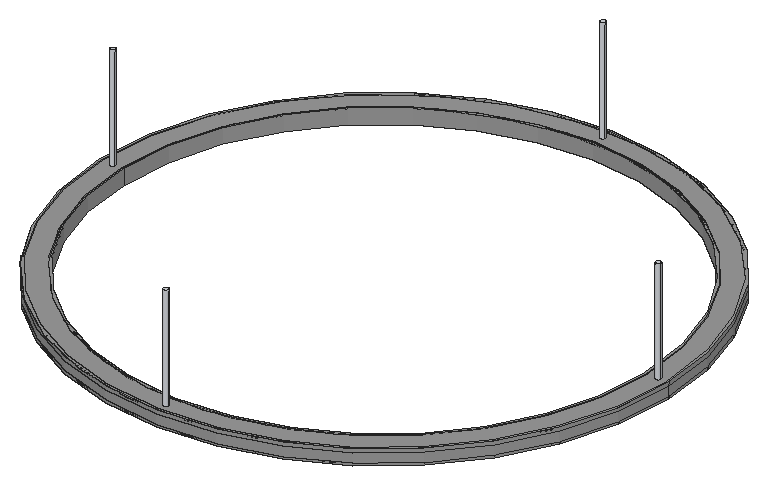
Revit family "MONALISA_1200MM_41_4000K", category Lighting Fixtures, host Ceiling, Revit 2021
Family settings
  Host = Ceiling
  Round Connector Dimension = Use Diameter
  Part Type = Normal
  OmniClass Number = 23.80.70.11
  OmniClass Title = Luminaries for Internal Lighting
  Always vertical = Yes
  Cut with Voids When Loaded = No
  Light Source = Yes
  Shared = No
  Room Calculation Point = No
Parameters (values of type "Type 1")
  Wattage = 43.0855 W
  built-in parameter 1150110 = 1 (stored number, unit not read)
  Type de lampe = "LED Samsung 2835 SMD"
  Type = "Suspension"
  built-in parameter 1114217 = 1 (stored number, unit not read)
  Tilt Angle = 90.00°
  built-in parameter 1150109 = 1 (stored number, unit not read)
  built-in parameter 1150134 = 12
  built-in parameter 1150113 = 1 (stored number, unit not read)
  SDCM = "<3"
  Puissance nominale = "80W"
  Photometric Web File = "0.ies"
  Lumens = 6400 lm
  built-in parameter 1150115 = 1 (stored number, unit not read)
  built-in parameter 1150105 = 2168.4 (stored number, unit not read)
  built-in parameter 1150137 = (empty or 0)
  built-in parameter 1150139 = (empty or 0)
  built-in parameter 1150112 = 1 (stored number, unit not read)
  built-in parameter 1150114 = 1 (stored number, unit not read)
  built-in parameter 1150132 = 2
  built-in parameter 1150102 = (empty or 0)
  built-in parameter 1150138 = (empty or 0)
  built-in parameter 1150107 = 4000 (stored number, unit not read)
  built-in parameter 1150106 = 21.684 (stored number, unit not read)
  IRC = ">80"
  Fintion = "Gris aluminium  - Diffuseur acrylique"
  Emit from Circle Diameter = 609.6 mm
  Emit Shape Visible in Rendering = no
  built-in parameter 1150104 = 13.8 (stored number, unit not read)
  Durée de vie = "50 000 heures"
  Driver = "Driver Osram"
  Dimming Lamp Color Temperature Shift = <None>
  Dimensions = "ø 1200 mm, H : 32 mm"
  Default Elevation = 0 mm
  Color Filter = 16777215
  built-in parameter 1114218 = 1 (stored number, unit not read)
  built-in parameter 1150133 = 10 (stored number, unit not read)
  Angle d'éclairage = "120°"
  Alimentation luminaire = "1050mA x 2pcs / 30V"
  Alimentation Driver = "AC 220-240V"
Reference planes
  plane 1 "Light Source Axis (F/B)": y = 0
  plane 2: z = 0
  plane 3 "Light Source Axis (L/R)": x = 0
  plane 4 "Ceiling": z = 4000
  plane 5 "Light Source Elevation": z = 3762.902
Forms (mm)
  Extrusion 1, solid, material "Aluminum, Anodized grey"
    sketch origin (0, 0, 4000) x (0, 1, 0) y (-1, 0, 0)
      loop
        circle (0, 0) r 600
      loop
        circle (0, 0) r 550
      loop
        circle (0, 0) r 553.656
      loop
        circle (0, 0) r 595.613
    from -250 to -218
  Extrusion 2, solid, material "Aluminum, Anodized grey"
    sketch origin (0, 0, 4000) x (0, 1, 0) y (-1, 0, 0)
      loop
        circle (0, 0) r 600
      loop
        circle (0, 0) r 553.656
    from -225.222 to -218
  Extrusion 3, solid, material "Glass, White, High Luminance"
    sketch origin (0, 0, 3982.456) x (0, 1, 0) y (-1, 0, 0)
      loop
        circle (0, 0) r 600
      loop
        circle (0, 0) r 553.656
    from -232.456 to -227.456
  Extrusion 4, solid
    sketch origin (-0.407, 191.787, 4000) x (0, 1, 0) y (-1, 0, 0)
      loop
        circle (384.047, -0.724) r 5
    from -218 to 0
  Extrusion 5, solid
    sketch origin (-287.425, -286.139, 4000) x (0, 1, 0) y (-1, 0, 0)
      loop
        circle (286.198, 285.231) r 5
    from -218 to 0
  Extrusion 6, solid
    sketch origin (0.308, -766.373, 4000) x (0, 1, 0) y (-1, 0, 0)
      loop
        circle (190.968, -0.121) r 5
    from -218 to 0
  Extrusion 7, solid
    sketch origin (390.268, -287.705, 4000) x (0, 1, 0) y (-1, 0, 0)
      loop
        circle (288.348, -186.933) r 5
    from -218 to 0
Lines and regions (mm)
  reference lines
    curve 1: line (0, 0, 4000) -> (300, 0, 4000)
    curve 2: line (300, 0, 4000) -> (275, 0, 4000)
    curve 3: line (0, 0, 3750) -> (0, 0, 3782)
    curve 4: line (0, 0, 4000) -> (400, 0, 4000)
    curve 5: line (0, 0, 4000) -> (500, 0, 4000)
    curve 6: line (0, 0, 4000) -> (600, 0, 4000)
Dimensions and locks
  equal spacing: host sketch curve, plane 3 "Light Source Axis (L/R)", host sketch curve
  equal spacing: host sketch curve, plane 1 "Light Source Axis (F/B)", host sketch curve
  host sketch curve to host sketch curve = 4000 mm  (x2)
  plane 4 "Ceiling" to host ceiling = 0 mm
  aligned and locked: plane 1 "Light Source Axis (F/B)" to imposter light
  aligned and locked: plane 5 "Light Source Elevation" to imposter light
